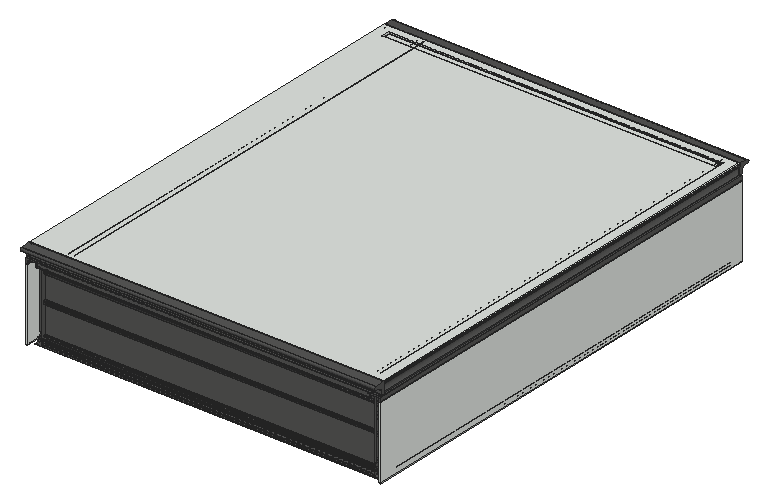
Revit family "Furniture-Lighted_Mirror_Cabinet-KOHLER-MaxiSpace-K-96106T_1", category Lighting Fixtures, host Face, Revit 2021 (continued)
Definition of nested family "K-96106T"
  Lines and regions (in)
    symbolic lines, detail levels medium+fine
      curve 82: line (11.5748, 0, 4.76378) -> (11.53543, 0, 4.76378)
      curve 83: line (-10.67913, 0, 5.13906) -> (-9.55709, 0, 5.13906)
      curve 84: line (-9.51772, 0, 5.17843) -> (-9.51772, 0, 5.22567)
      curve 85: line (-10.71771, 0, 5.17055) -> (-9.51851, 0, 5.17055)
      curve 86: line (-9.59646, 0, 5.17055) -> (-9.59646, 0, 5.22567)
      curve 87: line (-10.63976, 0, 5.17055) -> (-10.63976, 0, 5.22567)
      curve 88: arc (-10.71771, 0, 5.17055) -> (-10.70403, 0, 5.14793) -> (-10.67913, 0, 5.13906) r 0.03937
      curve 89: arc (-9.55709, 0, 5.13906) -> (-9.52925, 0, 5.15059) -> (-9.51772, 0, 5.17843) r 0.03937
      curve 90: line (-10.7185, 0, 5.18631) -> (-10.7185, 0, 5.22567)
      curve 91: line (10.88851, 0, 5.19289) -> (10.88851, 0, 5.22567)
      curve 92: line (10.49726, 0, 5.18401) -> (10.87854, 0, 5.18401)
      curve 93: line (10.86504, 0, 5.1692) -> (10.51197, 0, 5.1692)
      curve 94: line (10.51197, 0, 5.1692) -> (10.51197, 0, 5.22567)
      curve 95: line (10.4972, 0, 5.22567) -> (10.4972, 0, 5.18397)
      curve 96: line (10.48853, 0, 5.22567) -> (10.48853, 0, 5.11811)
      curve 97: line (10.4972, 0, 5.18397) -> (10.48976, 0, 5.11811)
      curve 98: arc (10.51197, 0, 5.1692) -> (10.50154, 0, 5.17354) -> (10.49726, 0, 5.18401) r 0.01472
      curve 99: line (10.51197, 0, 5.1692) -> (10.5057, 0, 5.11811)
      curve 100: arc (10.87854, 0, 5.18401) -> (10.87506, 0, 5.17362) -> (10.86504, 0, 5.1692) r 0.01356
      curve 101: line (10.87854, 0, 5.18401) -> (10.87854, 0, 5.22567)
      curve 102: line (10.86504, 0, 5.1692) -> (10.86504, 0, 5.22567)
      curve 103: line (10.86504, 0, 5.1692) -> (10.87131, 0, 5.11811)
      curve 104: line (10.87854, 0, 5.18401) -> (10.88722, 0, 5.11811)
      curve 105: line (-10.3248, 0, 5.13906) -> (-10.26371, 0, 5.11811)
      curve 106: line (-10.22769, 0, 5.13906) -> (-10.1666, 0, 5.11811)
      curve 107: line (-9.85308, 0, 5.11811) -> (-9.79199, 0, 5.13906)
      curve 108: line (-9.75597, 0, 5.11811) -> (-9.69488, 0, 5.13906)
      curve 109: arc (-10.06904, 0, 5.11811) -> (-10.05665, 0, 5.13014) -> (-10.04187, 0, 5.13906) r 0.0758
      curve 110: arc (-9.97888, 0, 5.13906) -> (-9.9641, 0, 5.13014) -> (-9.95171, 0, 5.11811) r 0.0758
      curve 111: line (0, 14.54724, 5.87921) -> (0, 14.54724, 5.22567)
      curve 112: line (0, 14.54724, 5.83591) -> (0, -14.54724, 5.83591)
      curve 113: line (0, 14.54724, 5.87921) -> (0, -14.54724, 5.87921)
      curve 114: line (0, -14.54724, 5.93433) -> (0, 14.54724, 5.93433)
      curve 115: line (0, 14.54724, 5.87921) -> (0, 14.54724, 5.93433)
      curve 116: line (0, 14.51575, 5.84772) -> (0, 14.54724, 5.87921)
      curve 117: line (0, -14.54724, 5.84772) -> (0, 14.51575, 5.84772)
      curve 118: line (0, -14.54724, 5.82016) -> (0, 14.54724, 5.82016)
      curve 119: line (0, -14.54724, 5.26504) -> (0, 14.54724, 5.26504)
      curve 120: line (0, 9.44882, 5.13906) -> (0, 10.12795, 5.13906)
      curve 121: line (0, 11.14784, 5.11811) -> (0, -14.78346, 5.11811)
      curve 122: line (0, -14.78346, 5.10236) -> (0, 14.74409, 5.10236)
      curve 123: line (0, -14.78346, 4.80315) -> (0, 14.74409, 4.80315)
      curve 124: line (0, -14.78346, 4.8189) -> (0, 14.74409, 4.8189)
      curve 125: line (0, 14.70472, 4.76378) -> (0, -14.74409, 4.76378)
      curve 126: line (0, 14.70472, 4.76378) -> (0, 14.70472, 0.07874)
      curve 127: line (0, 14.70472, 0.07874) -> (0, -14.74409, 0.07874)
      curve 128: line (0, 14.73279, 0.05067) -> (0, 14.70472, 0.07874)
      curve 129: line (0, 14.74409, 0.12008) -> (0, 14.74409, 0.07796)
      curve 130: line (0, -14.74409, 0.03937) -> (0, 14.7055, 0.03937)
      curve 131: arc (0, 14.74409, 0.07796) -> (0, 14.73279, 0.05067) -> (0, 14.7055, 0.03937) r 0.03859
      curve 132: line (0, -14.14173, 0.01575) -> (0, 14.10236, 0.01575)
      curve 133: line (0, -14.74409, 4.76378) -> (0, -14.74409, 0.07874)
      curve 134: line (0, -14.74409, 0.07874) -> (0, -14.77193, 0.0509)
      curve 135: line (0, -14.78346, 4.80315) -> (0, -14.74409, 4.76378)
      curve 136: line (0, 14.74409, 4.80315) -> (0, 14.70472, 4.76378)
      curve 137: line (0, -14.54724, 5.22567) -> (0, 14.54724, 5.22567)
      curve 138: line (0, 11.65354, 5.17843) -> (0, 10.93504, 5.17843)
      curve 139: line (0, 11.62205, 5.17843) -> (0, 11.62205, 5.22567)
      curve 140: line (0, 11.5748, 5.22567) -> (0, 11.5748, 5.13906)
      curve 141: line (0, 10.93504, 5.11811) -> (0, 10.93504, 5.22567)
      curve 142: line (0, 9.40945, 5.22567) -> (0, 9.40945, 5.18207)
      curve 143: line (0, 9.48819, 5.18207) -> (0, 9.48819, 5.22567)
      curve 144: line (0, 8.70392, 5.11811) -> (0, 8.70392, 5.22567)
      curve 145: line (0, 8.71801, 5.22567) -> (0, 8.71801, 5.11811)
      curve 146: line (0, 8.62205, 5.11811) -> (0, 8.62205, 5.22567)
      curve 147: line (0, 8.51029, 5.22567) -> (0, 8.51029, 5.11811)
      curve 148: line (0, 8.37712, 5.11811) -> (0, 8.37712, 5.22567)
      curve 149: line (0, 8.14926, 5.18207) -> (0, 6.68195, 5.18207)
      curve 150: line (0, 8.71801, 5.18207) -> (0, 9.40945, 5.18207)
      curve 151: line (0, 11.13698, 5.20205) -> (0, 10.90354, 5.20205)
      curve 152: line (0, 11.13698, 5.20205) -> (0, 11.13698, 5.22567)
      curve 153: line (0, 10.90354, 5.20205) -> (0, 10.90354, 5.22567)
      curve 154: line (0, 10.15945, 5.20205) -> (0, 9.92601, 5.20205)
      curve 155: line (0, 10.12795, 5.20205) -> (0, 10.12795, 5.10236)
      curve 156: line (0, 10.12795, 5.17843) -> (0, 9.48819, 5.17843)
      curve 157: line (0, 10.82283, 5.20205) -> (0, 10.24016, 5.20205)
      curve 158: line (0, 10.24016, 5.20205) -> (0, 10.24016, 5.22567)
      curve 159: line (0, 10.93504, 5.13906) -> (0, 11.16142, 5.13906)
      curve 160: line (0, 10.31496, 5.17843) -> (0, 10.74803, 5.17843)
      curve 161: line (0, 10.74803, 5.11811) -> (0, 10.74803, 5.17843)
      curve 162: line (0, 10.31496, 5.17843) -> (0, 10.31496, 5.11811)
      curve 163: line (0, 10.82283, 5.22567) -> (0, 10.82283, 5.20205)
      curve 164: line (0, 10.68898, 5.17843) -> (0, 10.68898, 5.20205)
      curve 165: line (0, 10.37402, 5.17843) -> (0, 10.37402, 5.20205)
      curve 166: line (0, 10.15945, 5.20205) -> (0, 10.15945, 5.22567)
      curve 167: line (0, 8.14926, 5.22567) -> (0, 8.14926, 5.11811)
      curve 168: line (0, 9.92601, 5.20205) -> (0, 9.92601, 5.22567)
      curve 169: arc (0, 10.31496, 5.15345) -> (0, 10.27115, 5.14091) -> (0, 10.23171, 5.11811) r 0.18618
      curve 170: arc (0, 10.74803, 5.15345) -> (0, 10.79198, 5.14124) -> (0, 10.83129, 5.11811) r 0.17539
      curve 171: arc (0, 9.40945, 5.18207) -> (0, 9.41966, 5.15189) -> (0, 9.44882, 5.13906) r 0.03952
      curve 172: line (0, 6.59985, 5.11811) -> (0, 6.20009, 5.18207)
      curve 173: line (0, 6.1054, 5.18207) -> (0, 6.50517, 5.11811)
      curve 174: line (0, 6.68195, 5.18207) -> (0, 6.68195, 5.11811)
      curve 175: line (0, 6.6645, 5.18207) -> (0, 6.6645, 5.11811)
      curve 176: line (0, 6.6645, 5.18207) -> (0, 3.26089, 5.18207)
      curve 177: line (0, 6.68195, 5.18207) -> (0, 6.6645, 5.18207)
      curve 178: line (0, 6.84129, 5.11811) -> (0, 7.2084, 5.18207)
      curve 179: line (0, 7.14637, 5.18207) -> (0, 6.74661, 5.11811)
      curve 180: line (0, -14.54724, 5.96487) -> (0, -14.54724, 5.22567)
      curve 181: line (0, -10.94365, 5.13906) -> (0, -11.62279, 5.13906)
      curve 182: line (0, -13.14837, 5.17843) -> (0, -12.42987, 5.17843)
      curve 183: line (0, -13.11688, 5.17843) -> (0, -13.11688, 5.22567)
      curve 184: line (0, -13.06964, 5.22567) -> (0, -13.06964, 5.13906)
      curve 185: line (0, -12.42987, 5.11811) -> (0, -12.42987, 5.22567)
      curve 186: line (0, -10.90428, 5.22567) -> (0, -10.90428, 5.18207)
      curve 187: line (0, -10.98302, 5.18207) -> (0, -10.98302, 5.22567)
      curve 188: line (0, -12.63181, 5.20205) -> (0, -12.39838, 5.20205)
      curve 189: line (0, -12.63181, 5.20205) -> (0, -12.63181, 5.22567)
      curve 190: line (0, -12.39838, 5.20205) -> (0, -12.39838, 5.22567)
      curve 191: line (0, -11.65428, 5.20205) -> (0, -11.42084, 5.20205)
      curve 192: line (0, -11.62279, 5.20205) -> (0, -11.62279, 5.10236)
      curve 193: line (0, -11.62279, 5.17843) -> (0, -10.98302, 5.17843)
      curve 194: line (0, -12.31767, 5.20205) -> (0, -11.73499, 5.20205)
      curve 195: line (0, -11.73499, 5.20205) -> (0, -11.73499, 5.22567)
      curve 196: line (0, -12.42987, 5.13906) -> (0, -12.67875, 5.13906)
      curve 197: line (0, -11.80979, 5.17843) -> (0, -12.24286, 5.17843)
      curve 198: line (0, -12.24286, 5.11811) -> (0, -12.24286, 5.17843)
      curve 199: line (0, -11.80979, 5.17843) -> (0, -11.80979, 5.11811)
      curve 200: line (0, -12.31767, 5.22567) -> (0, -12.31767, 5.20205)
      curve 201: line (0, -11.65428, 5.20205) -> (0, -11.65428, 5.22567)
      curve 202: line (0, -11.42084, 5.20205) -> (0, -11.42084, 5.22567)
      curve 203: arc (0, -11.80979, 5.15345) -> (0, -11.76599, 5.14091) -> (0, -11.72654, 5.11811) r 0.18618
      curve 204: arc (0, -12.24286, 5.15345) -> (0, -12.28681, 5.14124) -> (0, -12.32612, 5.11811) r 0.17539
      curve 205: arc (0, -10.90428, 5.18207) -> (0, -10.91449, 5.15189) -> (0, -10.94365, 5.13906) r 0.03952
      curve 206: line (-10.90551, 13.44404, 0) -> (10.90551, 13.44404, 0)
      curve 207: line (-10.90551, 14.03543, 0) -> (-10.90551, 13.44404, 0)
      curve 208: line (10.90551, 14.03543, 0) -> (-10.90551, 14.03543, 0)
      curve 209: line (10.90551, 13.44404, 0) -> (10.90551, 14.03543, 0)
  Dimensions and locks (in)
    plane 5 to plane 6 = 23.22835"
    plane 4 to plane 7 = 30.51181"
    plane 8 to level = 5.96583"
    aligned and locked: plane 2 to level
Types (3): name | Wattage | Type | Right Hand | Product Page URL | Left Hand | Emit from Line Length | built-in parameter 1150104 | Distance To Connector
  (no name) | 8.75174 W | 1 | no | "https://www.kohler.com.cn/product/K-96106T-L-NA/K-96106T-L-NA/" | yes | 20" | 13.8 (stored number, unit not read) | 21 245/256"
  Left Door-NA-Black | 8.75174 W | 1 | no | "https://www.kohler.com.cn/product/K-96106T-L-NA/K-96106T-L-NA/" | yes | 20" | 13.8 (stored number, unit not read) | 21 245/256"
  Right Door-NA-Black | 5.99991 W | 2 | yes | "https://www.kohler.com.cn/product/K-96106T-L-NA/K-96106T-R-NA/" | no | 15" | 20.129 (stored number, unit not read) | 1 35/128"
